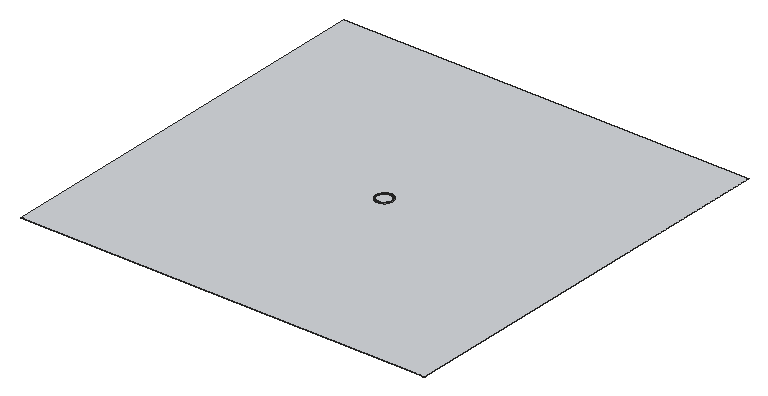
Revit family "LAMP_KOMBIC 100 ROUND IP40 TW OPTIC", category Luminarias, Revit 2018
Family settings
  Anfitrión = Cara
  Cota de conector redondo = Diámetro de uso
  Tipo de pieza = Normal
  Corte con vacíos al cargar = No
  Origen de luz = Sí
  Compartido = No
  Punto de cálculo de habitación = No
Parameters (values of type "1001LM TW DALI B/B")
  Ángulo de inclinación = -90.00°
  Weight = 0.55 kg
  Wattage = 20.7 W
  UGR = ""
  Type = "BRIDGELUX"
  built-in parameter 1150107 = 3000 (stored number, unit not read)
  Recessed diameter = 95 mm
  built-in parameter 1150110 = 1 (stored number, unit not read)
  built-in parameter 1150109 = 1 (stored number, unit not read)
  built-in parameter 1150112 = 1 (stored number, unit not read)
  built-in parameter 1150113 = 1 (stored number, unit not read)
  built-in parameter 1114218 = 1 (stored number, unit not read)
  Protection rating = "IP40"
  Product datasheet = "http://www.lamp.es/product-files/TECH/K11RD2040WF9TWDBB-EN.pdf"
  Product code = "K11RD2040WF9TWDBB"
  Product URL = "https://www.lamp.es/en/family/kombic-downlight_33313"
  Power Supply = "220-240V 50/60Hz"
  Power = 16 W
  Plum = 20.7 W
  built-in parameter 1150137 = (empty or 0)
  built-in parameter 1150132 = 2
  Modelo = Product code  # "K11RD2040WF9TWDBB"
  Material reflector = LAMP_PC Reflector Kombic Metalizado Negro
  Material optica = LAMP_PMMA Optica Kombic100
  Material disipador = LAMP_Aluminio Disipador Kombic
  Material difusor = LAMP_PMMA Difusor Kombic
  Material aro = LAMP_Plástico genérico NG
  Material COB = LAMP_COB
  Manufacturer name = "LAMP"
  Manufacturer country = "Spain"
  Manufacturer URL = "http://www.lamp.es/en"
  MacAdam = "3"
  Luminaire type = "Downlight"
  Last update = "19/07/2021"
  Lamp = "HIGH POWER LED"
  LED Lifetime = "70.000 L80 B10"
  built-in parameter 1150105 = 1305.7 (stored number, unit not read)
  built-in parameter 1150102 = (empty or 0)
  Insulation class = "II"
  Installation instructions = "https://www.lamp.es/product-files/packed/by-family/33313_INS_all.zip"
  Initial color = "2700-5000K"
  built-in parameter 1150106 = 13.057 (stored number, unit not read)
  IEE = "A"
  Height = 75 mm
  Gear = "Electronic"
  Lumens = 1001.88 lm
  Finish = "#N/A"
  Color Filter = 16777215
  built-in parameter 1114217 = 1 (stored number, unit not read)
  built-in parameter 1150139 = (empty or 0)
  Fabricante = Manufacturer name  # "LAMP"
  Default Elevation = 1219.2 mm
  built-in parameter 1150104 = 4.4965 (stored number, unit not read)
  Efficacy = 48.4 lm/W
  Diameter = 99 mm
  built-in parameter 1150115 = 1 (stored number, unit not read)
  built-in parameter 1150114 = 1 (stored number, unit not read)
  built-in parameter 1150138 = (empty or 0)
  built-in parameter 1150134 = (empty or 0)
  Dimming Lamp Color Temperature Shift = (empty or 0)
  CRI = "90"
  Archivo de red fotométrica = "K11RD2040WF9TWDBB.IES"
  built-in parameter 1150133 = 10 (stored number, unit not read)
Types (4, lengths in mm): name | Product datasheet | Product code | Modelo | Material reflector | Material aro | built-in parameter 1150105 | built-in parameter 1150106 | Lumens | Finish | built-in parameter 1150104 | Efficacy | Archivo de red fotométrica
  1001LM TW DALI B/B | "http://www.lamp.es/product-files/TECH/K11RD2040WF9TWDBB-EN.pdf" | "K11RD2040WF9TWDBB" | "K11RD2040WF9TWDBB" | LAMP_PC Reflector Kombic Metalizado Negro | LAMP_Plástico genérico NG | 1305.7 (stored number, unit not read) | 13.057 (stored number, unit not read) | 1001.88 lm | "#N/A" | 4.4965 (stored number, unit not read) | 48.4 lm/W | "K11RD2040WF9TWDBB.IES"
  1001LM TW DALI B/W | "http://www.lamp.es/product-files/TECH/K11RD2040WF9TWDBW-EN.pdf" | "K11RD2040WF9TWDBW" | "K11RD2040WF9TWDBW" | LAMP_PC Reflector Kombic Metalizado Negro | LAMP_Plástico genérico BL | 1305.7 (stored number, unit not read) | 13.057 (stored number, unit not read) | 1001.88 lm | "Shiny white RAL 9010" | 4.4965 (stored number, unit not read) | 48.4 lm/W | "K11RD2040WF9TWDBW.IES"
  1050LM TW DALI M/W | "http://www.lamp.es/product-files/TECH/K11RD2040WF9TWDMW-EN.pdf" | "K11RD2040WF9TWDMW" | "K11RD2040WF9TWDMW" | LAMP_PC Reflector Kombic Metalizado Mate | LAMP_Plástico genérico BL | 1367.8 (stored number, unit not read) | 13.678 (stored number, unit not read) | 1049.49 lm | "Shiny white RAL 9010" | 4.7102 (stored number, unit not read) | 50.7 lm/W | "K11RD2040WF9TWDMW.IES"
  1050LM TW DALI W/W | "http://www.lamp.es/product-files/TECH/K11RD2040WF9TWDWW-EN.pdf" | "K11RD2040WF9TWDWW" | "K11RD2040WF9TWDWW" | LAMP_PC Reflector Kombic Blanco | LAMP_Plástico genérico BL | 1367.8 (stored number, unit not read) | 13.678 (stored number, unit not read) | 1049.49 lm | "Matte white RAL 9010" | 4.7102 (stored number, unit not read) | 50.7 lm/W | "K11RD2040WF9TWDWW.IES"
Reference planes
  plane 1 "Centro (Frontal/Posterior)": y = 0
  plane 2: z = 0
  plane 3 "Centro (Izquierda/Derecha)": x = 0
Forms (mm)
  Extrusion 1, solid
    sketch origin (0, 0, 0) x (1, 0, 0) y (0, 1, 0)
      loop
        line (-1219.2, 1219.2) -> (-1219.2, -1219.2) -> (1219.2, -1219.2) -> (1219.2, 1219.2) -> (-1219.2, 1219.2)
    from 0 to -1
  Revolve 2, solid, material "LAMP_Plástico genérico NG" <- "Material aro"
    sketch origin (0, 0, 1.5) x (-1, 0, 0) y (0, 0, -1)
      loop
        arc (37.791, 25.939) -> (31.498, 30.773) -> (23.839, 32.85) r 20.471
        line (23.839, 32.85) -> (23.839, 30.55)
        arc (23.839, 30.55) -> (39.935, 20.082) -> (44.765, 1.5) r 26.552
        line (44.765, 1.5) -> (43.765, 1.5) -> (43.765, 0) -> (49.506, 0) -> (49.506, 1.5) -> (46.246, 1.5)
        arc (46.246, 1.5) -> (44.417, 14.549) -> (37.791, 25.939) r 34.204
      axis (0, 32.85) -> (0, 0)
    angle from 0 to 360
  Revolve 3, solid, material "LAMP_Aluminio Disipador Kombic" <- "Material disipador"
    sketch origin (0, 0, 1.5) x (-1, 0, 0) y (0, 0, -1)
      loop
        line (0, 32.85) -> (46.5, 32.85) -> (46.5, 75.35) -> (0, 75.35) -> (0, 32.85)
      axis (0, 75.35) -> (0, 32.85)
    angle from 0 to 360
  Revolve 4, solid, material "LAMP_PC Reflector Kombic Metalizado Negro" <- "Material reflector"
    sketch origin (0, 0, 0) x (1, 0, 0) y (0, 0, 1)
      loop
        arc (-44.765, 0) -> (-39.935, -18.582) -> (-23.839, -29.05) r 26.552
        line (-23.839, -29.05) -> (-23.839, -28.081)
        arc (-23.839, -28.081) -> (-39.146, -17.832) -> (-43.765, 0) r 25.895
        line (-43.765, 0) -> (-44.765, 0)
      axis (0, 0) -> (0, -29.05)
    angle from 0 to 360
  Extrusion 5, solid, material "LAMP_COB" <- "Material COB"
    sketch origin (0, 0, 0) x (1, 0, 0) y (0, 1, 0)
      loop
        circle (0, 0) r 13
    from -31.35 to -30.4
  Blend 6, solid, material "LAMP_PMMA Optica Kombic100" <- "Material optica"
    base sketch origin (0, 0, 0) x (1, 0, 0) y (0, 1, 0)
      loop
        circle (0, 0) r 13
    top sketch origin (0, 0, 0) x (1, 0, 0) y (0, 1, 0)
      loop
        circle (0, 0) r 23.839
    from -31.35 to -28.081
Text (mm)
  text "Any modification of the parameters and properties of the LAMP BIM models must be executed and validated by the LAMP technical department.\nPhone: +34 93 736 68 00\nE-mail: lamp@lamp.es\n\nLAMP reserves the right to modify the technical specifications of its products." at (-2876.262, -5833.446, 1777.952), in view "Preview"
Dimensions and locks
  aligned and locked: plane 2 to Extrusion 1
  aligned and locked: level to Extrusion 1
Connectors
  electrical at (0, 0, -73.85)
    settings: on Revolve 3, index 1, voltage 230 V, apparent load 0 VA, apparent load phase1 0 VA, apparent load phase2 0 VA, apparent load phase3 0 VA, power factor 1, load classification "Otro", number of poles 1, system type 30, power factor state 1, is connector primary yes, connector utility no, sub classification motor no, connector description ""
